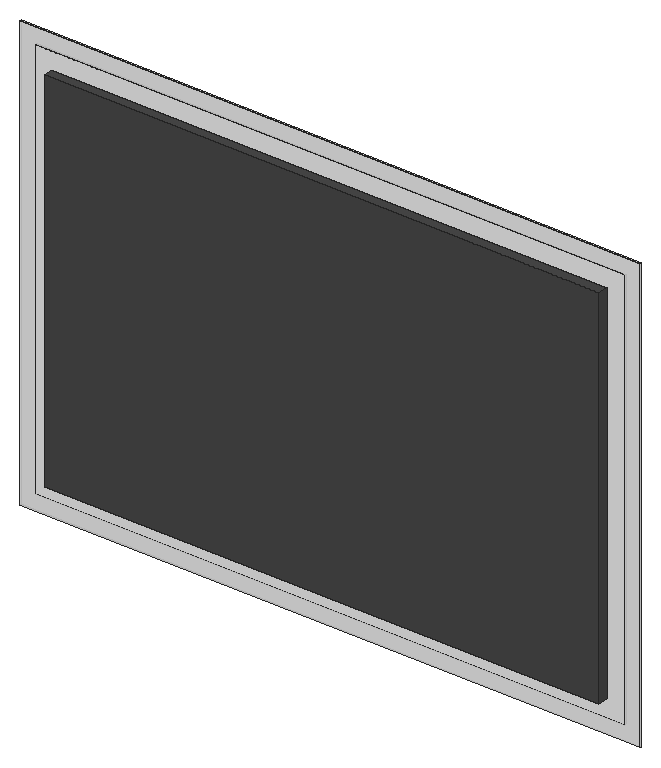
Revit family "3-060X-xx Starlight Mirror", category Luminarias, Revit 2021
Family settings
  Anfitrión = Muro
  Cota de conector redondo = Diámetro de uso
  Tipo de pieza = Normal
  Número OmniClass = 23.80.70.00
  Título OmniClass = Lighting
  Siempre vertical = Sí
  Corte con vacíos al cargar = No
  Origen de luz = No
  Compartido = No
  Punto de cálculo de habitación = No
Parameters (values of type "3-0605-15 / Black")
  Width = 1524 mm
  Height = 1067 mm
  Diffuser = Ghost Mirror
  Elevación por defecto = 0 mm
  Comentarios de vataje = "1 x 126.3 W at 120 V"
  Voltage Input = "120 V or 277 V - 50/60 Hz"  # constant formula
  Voltage = 120 V
  URL = "www.oxygenlighting.com"
  References = "Ref. 3 = 120 V / Ref. 37 = 277 V"  # constant formula
  Modelo = "3-060X-xx / Starlight"  # constant formula
  Metal Finish 1 = 15 - Black
  Fabricante = "Vanita by Oxygen"  # constant formula
  Lámpara = "LED Array"  # constant formula
Types (5, lengths in mm): name | Width | Height | Comentarios de vataje
  3-0601-15 / Black | 610 | 914 | "1 x 60.9 W at 120 V"
  3-0603-15 / Black | 1219 | 914 | "1 x 88.2 W at 120 V"
  3-0604-15 / Black | 1219 | 1219 | "1 x 123.3 W at 120 V"
  3-0605-15 / Black | 1524 | 1067 | "1 x 126.3 W at 120 V"
  3-0602-15 / Black | 914 | 914 | "1 x 67.4 W at 120 V"
Reference planes
  plane 1: y = 0
  plane 2 "Light Source Axis (L/R)": x = 125
  plane 3 "Light Source Axis (F/R)": y = 160
  plane 4 "Light Source Elevation": z = 700
  plane 5: y = 75
Text (mm)
  text "Placement side" at (-1787.139, 1116.779, 0), in view "Ref. Level"
  text "Placement side" at (0, 2110.396, 2986.058), in view "Left"
  text "Placement side" at (0, 628.478, 3011.967), in view "Right"
Dimensions and locks
  aligned and locked: plane 1 to host wall
  aligned and locked: plane 5 to host wall
  aligned and locked: plane 5 to nested 1
  aligned and locked: nested 1 to plane 2 "Light Source Axis (L/R)"
Nested families
  nested 1: "Family1" at (125, 75, 1005) x (-1, 0, 0) z (0, 0, 1), type "Family1"
    with Width 1524 mm, Height 1067 mm
Connectors
  electrical at (125, 75, 1005)
    settings: on nested 1, index 1, voltage 0 V, apparent load 0 VA, apparent load phase1 0 VA, apparent load phase2 0 VA, apparent load phase3 0 VA, power factor 1, load classification "Otro", number of poles 1, system type 31, power factor state 1, is connector primary yes, connector utility no, sub classification motor no, connector description ""
Definition of nested family "Family1"
  Parameters (values of type "Family1")
    Width = 457 mm
    Metal Finish 1 = none
    Height = 610 mm
    Diffuser = none
    Default Elevation = 0 mm
  Reference planes
    plane 1 "Center (Front/Back)": y = 0
    plane 2: z = 0
    plane 3 "Center (Left/Right)": x = 0
    plane 4: x = 148.5
    plane 5: x = -148.5
    plane 6: z = 225
    plane 7: z = -225
    plane 8: x = 68.5
    plane 9: z = 145
    plane 10: z = -145
    plane 11: x = -68.5
    plane 12: z = -305
    plane 13: x = -228.5
    plane 14: z = 305
    plane 15: x = 228.5
    plane 16: z = 267
    plane 17: x = -190.5
    plane 18: x = 190.5
    plane 19: z = -267
  Forms (mm)
    Extrusion 1, solid, material <- "Metal Finish 1"
      sketch origin (0, 0, 0) x (1, 0, 0) y (0, 0, 1)
        loop
          line (148.5, 225) -> (-148.5, 225) -> (-148.5, -225) -> (148.5, -225) -> (148.5, 225)
      from 0 to 25.014
    Extrusion 2, solid, material <- "Diffuser"
      sketch origin (0, 0, 0) x (1, 0, 0) y (0, 0, 1)
        loop
          line (-228.5, -305) -> (228.5, -305) -> (228.5, 305) -> (-228.5, 305) -> (-228.5, -305)
        loop
          line (190.5, 267) -> (-190.5, 267) -> (-190.5, -267) -> (190.5, -267) -> (190.5, 267)
      from 25.014 to 29.595
    Extrusion 3, solid
      sketch origin (0, 0, 0) x (1, 0, 0) y (0, 0, 1)
        loop
          line (-190.5, -267) -> (190.5, -267) -> (190.5, 267) -> (-190.5, 267) -> (-190.5, -267)
      from 25.014 to 29.595
  Dimensions and locks
    equal spacing: plane 4, plane 3 "Center (Left/Right)", plane 5
    equal spacing: plane 7, level, plane 6
    locked: plane 4 to plane 8 at 80
    locked: plane 5 to plane 11 at 80
    locked: plane 9 to plane 6 at 80
    locked: plane 7 to plane 10 at 80
    locked: plane 14 to plane 6 at 80
    locked: plane 7 to plane 12 at 80
    locked: plane 15 to plane 4 at 80
    locked: plane 13 to plane 5 at 80
    "Height": plane 14 to plane 12
    "Width": plane 13 to plane 15
    Extrusion 3 to plane 1 "Center (Front/Back)" = 29.595 mm
    Extrusion 3 to Extrusion 3 = 4.58 mm
    plane 19 to plane 12 = 38 mm
    plane 18 to plane 15 = 38 mm
    plane 13 to plane 17 = 38 mm
    plane 14 to plane 16 = 38 mm
    aligned and locked: plane 2 to level
    aligned and locked: Extrusion 1 sketch curve to plane 6
    aligned and locked: plane 7 to Extrusion 1 sketch curve
    aligned and locked: Extrusion 1 sketch curve to plane 5
    aligned and locked: Extrusion 1 sketch curve to plane 4
    aligned and locked: plane 17 to Extrusion 3 sketch curve
    aligned and locked: plane 19 to Extrusion 3 sketch curve
    aligned and locked: plane 18 to Extrusion 3 sketch curve
    aligned and locked: plane 16 to Extrusion 3 sketch curve
    aligned and locked: Extrusion 2 sketch curve to plane 13
    aligned and locked: Extrusion 2 sketch curve to plane 14
    aligned and locked: Extrusion 2 sketch curve to plane 15
    aligned and locked: Extrusion 2 sketch curve to plane 12
    aligned and locked: Extrusion 3 to Extrusion 2 sketch curve  (x3)
    aligned and locked: Extrusion 2 sketch curve to Extrusion 3
